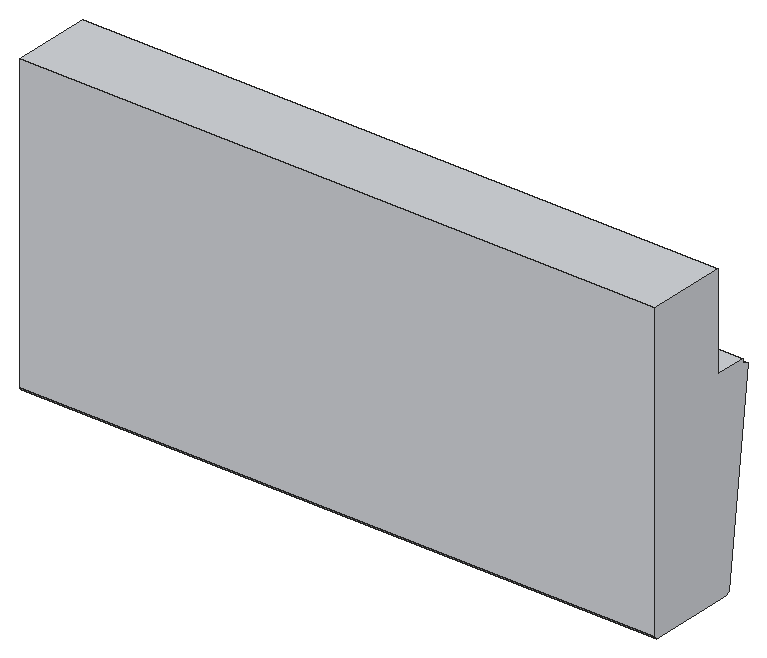
Revit family "KBE d=800_Precast-Console Beam_Spæncom", category Structural Framing, Revit 2014
Parameters (values of type "KBE 117/37")
  Structural Material [instance] = none
  Model = "KBE 117/37"
  Manufacturer = "Spæncom"
  Length [instance] = 3000 mm
  Height element = 1170 mm
  Height (bjælkekroppen) = 370 mm
  Width (bjælkekroppen) = 310 mm  # constant formula
  Height console = 800 mm  # constant formula
  Width console = 150 mm  # constant formula
  Base width = 360 mm  # constant formula
Types (10, lengths in mm): name | Model | Height element | Height (bjælkekroppen)
  (no name) | "KBE 117/37" | 1170 | 370
  KBE 102/22 | "KBE 102/22" | 1020 | 220
  KBE 107/27 | "KBE 107/27" | 1070 | 270
  KBE 110/30 | "KBE 110/30" | 1100 | 300
  KBE 112/32 | "KBE 112/32" | 1120 | 320
  KBE 117/37 | "KBE 117/37" | 1170 | 370
  KBE 120/40 | "KBE 120/40" | 1200 | 400
  KBE 130/50 | "KBE 130/50" | 1300 | 500
  KBE 140/60 | "KBE 140/60" | 1400 | 600
  KBE 98/18 | "KBE 98/18" | 980 | 180
Reference planes
  plane 1 "Center (Front/Back)": y = 0
  plane 2 "Center Elevation": z = 0
  plane 3 "Center (Left/Right)": x = 0
  plane 4 "Left": x = -1500
  plane 5 "Member Left": x = -1250
  plane 6 "Stick Symbol Left": x = -1000
  plane 7 "Right": x = 1500
  plane 8 "Member Right": x = 1250
  plane 9 "Stick Symbol Right": x = 1000
  plane 10: through (0, 276.875, 775) normal (0, -0.9923, 0.124)
  plane 11: z = 800
Forms (mm)
  Extrusion 1, solid, material <- "Structural Material"
    sketch origin (-1500, 0, 0) x (0, -1, 0) y (0, 0, 1)
      loop
        line (180, 1170) -> (-130, 1170) -> (-130, 800) -> (-250, 800) -> (-250, 790) -> (-276.875, 775) -> (-181.239, 9.912) -> (-170, 0) -> (170, 0) -> (180, 10) -> (180, 1170)
    from -2750 to -250
Dimensions and locks
  equal spacing: plane 4 "Left", plane 3 "Center (Left/Right)", plane 7 "Right"
  "Length": plane 4 "Left" to plane 7 "Right"
  "Base width": plane 10 to Extrusion 1
  "Height console": plane 11 to plane 2 "Center Elevation"
  "Height (bjælkekroppen)": plane 11 to Extrusion 1
  "Width (bjælkekroppen)": Extrusion 1 to Extrusion 1
  "Height element": Extrusion 1 to Extrusion 1
  "Width console": plane 11 to Extrusion 1
  locked: plane 11 to Extrusion 1 sketch curve at 30
  aligned and locked: level to plane 2 "Center Elevation"
  aligned and locked: Extrusion 1 to plane 8 "Member Right"
  aligned and locked: plane 5 "Member Left" to Extrusion 1
  aligned and locked: Extrusion 1 to plane 10
  aligned and locked: Extrusion 1 to plane 11
  aligned and locked: Extrusion 1 to level
Automatic sketch dimensions
  Extrusion 1 sketch curve to plane 10 = 0 mm  (x2)
  plane 11 to Extrusion 1 sketch curve = 0 mm
  Extrusion 1 sketch curve to level = 0 mm
  level to Extrusion 1 sketch curve = 9.912 mm
  Extrusion 1 sketch curve to Extrusion 1 sketch curve = 11.239 mm
  Extrusion 1 sketch curve to Extrusion 1 sketch curve = 120 mm
  plane 1 "Center (Front/Back)" to Extrusion 1 sketch curve = 170 mm
  level to Extrusion 1 sketch curve = 10 mm
  Extrusion 1 sketch curve to Extrusion 1 sketch curve = 10 mm
  Extrusion 1 sketch curve to plane 11 = 370 mm
  plane 11 to Extrusion 1 sketch curve = 25 mm
  plane 11 to Extrusion 1 sketch curve = 10 mm
